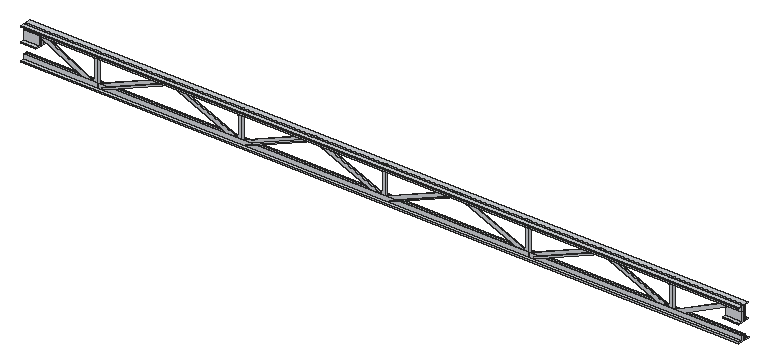
Revit family "d33dd6d5215e4dcd8819f20e3ec6f6e2", category Structural Framing, Revit 2019
Family settings
  Structural Framing Length Roundoff = 0' - 0 1/16"
  Section Shape = Not Defined
  Material for Model Behavior = Steel
  Always export as geometry = Yes
  OmniClass Number = 23.25.30.21.14.11
  OmniClass Title = Metal Joists
  Seek Item ID = BG Joist Girder-0000-USA-ENU
  Always vertical = Yes
  Cut with Voids When Loaded = No
  Symbolic Representation = From Family
  Shared = No
  Show family pre-cut in plan views = Yes
Parameters (values of type "16BG")
  Web Thickness = 0' - 1"
  Vertical Member Visibility = yes
  Structural Material = none
  Start Offset [instance] = 0' - 0"
  Top Chord Start Extension [instance] = 0' - 0"
  SpaceNum [instance] = 2 * HalfSpaceNum  # 10
  Seat Length = 0' - 8"
  Seat Depth [instance] = 0' - 7 1/2"
  PanelWidth [instance] = Length / SpaceNum  # 3' - 0"
  PanelArrayNum [instance] = SpaceNum - 3  # 7
  Panel Point Load [instance] = 4.00 kip
  Offset Length 2 [instance] = End Panel - End Offset + Bottom Chord End Extension  # 3' - 0"
  Offset Length 1 [instance] = End Panel - Start Offset + Bottom Chord Start Extension  # 3' - 0"
  HalfSpaceNum [instance] = 5
  Girder Type = "BG"
  Depth = 1' - 4"
  Bottom Chord Start Extension [instance] = 0' - 0"
  Bottom Chord End Extension [instance] = 0' - 0"
  PanelArrayNum 2 [instance] = Half PanelArrayNum - 1  # 3
  PanelArrayNum 1 [instance] = Half PanelArrayNum  # 4
  Half PanelArrayNum [instance] = PanelArrayNum / 2  # 4
  End Panel [instance] = PanelWidth  # 3' - 0"
  End Offset [instance] = 0' - 0"
  Top Chord End Extension [instance] = 0' - 0"
  Cord Leg = 0' - 2 1/2"
  Chord Thickness = 0' - 0 1/2"
  Assembly Code = "B1010350"
  Length [instance] = 30' - 0"
Reference planes (in)
  plane 1 "Center (Front/Back)": y = 0
  plane 2: z = 0
  plane 3 "Center (Left/Right)": x = 18.04904
  plane 4 "Member Left": x = -135.95096
  plane 5 "Member Right": x = 140.1815
  plane 6: y = 3
  plane 7: y = -3
  plane 8: z = 8
  plane 9: z = -8
  plane 10 "Left": x = -161.95096
  plane 11 "Stick Symbol Left": x = -220.8185
  plane 12 "Stick Symbol Right": x = 260.1815
  plane 13 "Right": x = 198.04904
  plane 14: z = 0.5
  plane 15: x = -153.95096
  plane 16: x = -125.95096
  plane 17: x = 190.04904
  plane 18: x = 162.04904
  plane 19: y = 0.5
  plane 20: y = -0.5
  plane 21: z = 5.5
  plane 22: z = -5.5
  plane 23: z = -7.75
  plane 24: z = 7.75
  plane 25: x = -161.95096
  plane 26: x = 198.04904
  plane 27: x = -161.95096
  plane 28: x = 198.04904
  plane 29 "111111111": x = 126.04904
  plane 30: x = 90.04904
  plane 31: x = -89.95096
  plane 32: x = -161.95096
  plane 33: x = 198.04904
  plane 34: x = -53.95096
  plane 35: x = -17.95096
  plane 36: x = -220.8185
  plane 37 "Symbol Left": x = -220.8185
  plane 38 "Symbol Right": x = 260.1815
  plane 39: x = 260.1815
Forms (in)
  Extrusion 1, solid, material <- "Structural Material", detail levels medium+fine
    sketch origin (18.04904, 0, 0) x (0, 1, 0) y (0, 0, 1)
      loop
        line (3, 8) -> (0.5, 8) -> (0.5, 5.5) -> (1, 5.5) -> (1, 7.5) -> (3, 7.5) -> (3, 8)
      loop
        line (-3, 8) -> (-3, 7.5) -> (-1, 7.5) -> (-1, 5.5) -> (-0.5, 5.5) -> (-0.5, 8) -> (-3, 8)
    from -180 to 180
  Extrusion 2, solid, material <- "Structural Material", detail levels medium+fine
    sketch origin (18.04904, 0, 0) x (0, 1, 0) y (0, 0, 1)
      loop
        line (0.5, -5.5) -> (0.5, -8) -> (3, -8) -> (3, -7.5) -> (1, -7.5) -> (1, -5.5) -> (0.5, -5.5)
      loop
        line (-0.5, -5.5) -> (-1, -5.5) -> (-1, -7.5) -> (-3, -7.5) -> (-3, -8) -> (-0.5, -8) -> (-0.5, -5.5)
    from -180 to 180
  Extrusion 3, solid, material <- "Structural Material", detail levels medium+fine
    sketch origin (18.04904, 0, 0) x (0, 1, 0) y (0, 0, 1)
      loop
        line (3, 0.5) -> (3, 1) -> (1, 1) -> (1, 5.5) -> (0.5, 5.5) -> (0.5, 0.5) -> (3, 0.5)
      loop
        line (-3, 0.5) -> (-0.5, 0.5) -> (-0.5, 5.5) -> (-1, 5.5) -> (-1, 1) -> (-3, 1) -> (-3, 0.5)
    from 172 to 180
  Extrusion 4, solid, material <- "Structural Material", detail levels medium+fine
    sketch origin (18.04904, 0, 0) x (0, 1, 0) y (0, 0, 1)
      loop
        line (-3, 0.5) -> (-0.5, 0.5) -> (-0.5, 5.5) -> (-1, 5.5) -> (-1, 1) -> (-3, 1) -> (-3, 0.5)
      loop
        line (0.5, 0.5) -> (3, 0.5) -> (3, 1) -> (1, 1) -> (1, 5.5) -> (0.5, 5.5) -> (0.5, 0.5)
    from -180 to -172
  Sweep 5, solid, material <- "Structural Material", detail levels fine
    path in 3D
      loop
        line (162.04904, 0, -7.75) -> (190.04904, 0, 5.5)
    profile "Web-Profile : Web-Profile" origin (176.04904, 0, -1.125) x (-0.427739, 0, 0.903902) y (0, -1, 0)
      loop
        line (-1, 0.75) -> (-1, 0.25) -> (1, 0.25) -> (1, 0.75) -> (-1, 0.75)
  Sweep 6, solid, material <- "Structural Material", detail levels fine
    path in 3D
      loop
        line (-153.95096, 0, 5.5) -> (-125.95096, 0, -7.75)
    profile "Web-Profile : Web-Profile" origin (-139.95096, 0, -1.125) x (0.427739, 0, 0.903902) y (0, -1, 0)
      loop
        line (-1, 0.25) -> (-1, -0.25) -> (1, -0.25) -> (1, 0.25) -> (-1, 0.25)
Lines and regions (in)
  symbolic lines, style "StructuralFraming", detail levels coarse
    curve 1: line (0, 3, 8) -> (0, 0.5, 8)
    curve 2: line (0, -3, -8) -> (0, -0.5, -8)
    curve 12: line (0, 0.5, -8) -> (0, 3, -8)
    curve 13: line (18.04904, 0.5, -8) -> (18.04904, 0.5, -5.5)
    curve 14: line (18.04904, -0.5, -8) -> (18.04904, -0.5, -5.5)
    curve 15: line (18.04904, -0.5, 8) -> (18.04904, -0.5, 5.5)
    curve 16: line (18.04904, 0.5, 8) -> (18.04904, 0.5, 5.5)
    curve 17: line (0, -0.5, 8) -> (0, -3, 8)
  symbolic lines, style "StructuralFraming", detail levels coarse+medium
    curve 3: line (0, 0, -8) -> (0, 0, 8)
  reference lines
    curve 4: line (-212.8185, 0, -12.86251) -> (-212.8185, 0, 11.13749)
    curve 5: line (-176.8185, 0, -13.11251) -> (-176.8185, 0, 11.13749)
    curve 6: line (252.1815, 0, -10.77905) -> (252.1815, 0, 11.22095)
    curve 7: line (216.1815, 0, -15.77905) -> (216.1815, 0, 11.22095)
  model lines, style "Joist Girder", detail levels coarse
    curve 8: line (216.1815, 0, -8) -> (-176.8185, 0, -8)
    curve 9: line (260.1815, 0, 8) -> (-220.8185, 0, 8)
  model lines, style "StructuralFraming", detail levels medium
    curve 10: line (-153.95096, 0, 5.5) -> (-125.95096, 0, -7.75)
    curve 11: line (162.04904, 0, -7.75) -> (190.04904, 0, 5.5)
  model lines, style "Web Joist", detail levels coarse
    curve 18: line (-176.8185, 0, -8) -> (-212.8185, 0, 8)
    curve 19: line (216.1815, 0, -8) -> (252.1815, 0, 8)
  sketch lines
    curve 20: line (162.04904, 0, -7.75) -> (190.04904, 0, 5.5)
    curve 21: line (-153.95096, 0, 5.5) -> (-125.95096, 0, -7.75)
  symbolic lines, detail levels fine
    curve 22: line (18.04904, 0.5, 7.75) -> (18.04904, -0.5, 7.75)
    curve 23: line (18.04904, 0.5, -7.75) -> (18.04904, -0.5, -7.75)
    curve 24: line (18.04904, 0.5, -5.5) -> (18.04904, 0.5, 5.5)
    curve 25: line (18.04904, -0.5, -5.5) -> (18.04904, -0.5, 5.5)
Dimensions and locks (in)
  equal spacing: plane 9, plane 2, plane 8
  "Length": plane 10 "Left" to plane 13 "Right"
  equal spacing: plane 10 "Left", plane 3 "Center (Left/Right)", plane 13 "Right"
  "End Panel": curve 5 to curve 4
  "End Panel": curve 6 to curve 7
  "Depth": plane 9 to plane 8
  "Seat Depth": plane 8 to plane 14
  "End Panel": plane 10 "Left" to plane 16
  "End Panel": plane 13 "Right" to plane 18
  "Web Thickness": plane 19 to plane 20
  equal spacing: plane 19, plane 1 "Center (Front/Back)", plane 20
  "Cord Leg": plane 20 to plane 7
  "Cord Leg": plane 6 to plane 19
  "Cord Leg": plane 9 to plane 22
  "Cord Leg": plane 21 to plane 8
  "Chord Thickness": plane 8 to Extrusion 1 sketch curve
  "Chord Thickness": Extrusion 1 sketch curve to plane 8
  "Chord Thickness": plane 20 to Extrusion 1 sketch curve
  "Chord Thickness": Extrusion 1 sketch curve to plane 19
  "Chord Thickness": plane 9 to Extrusion 2 sketch curve  (x2)
  "Chord Thickness": Extrusion 2 sketch curve to plane 19
  "Chord Thickness": plane 20 to Extrusion 2 sketch curve
  "Chord Thickness": plane 14 to Extrusion 3 sketch curve  (x2)
  "Chord Thickness": plane 20 to Extrusion 3 sketch curve
  "Chord Thickness": Extrusion 3 sketch curve to plane 19
  "Chord Thickness": plane 14 to Extrusion 4 sketch curve  (x2)
  "Chord Thickness": Extrusion 4 sketch curve to plane 19
  "Chord Thickness": plane 20 to Extrusion 4 sketch curve
  locked: plane 23 to plane 9 at 0.25
  locked: plane 8 to plane 24 at 0.25
  "Start Offset": plane 10 "Left" to plane 27
  "Seat Length": plane 27 to plane 15
  "Top Chord Start Extension": plane 25 to plane 27
  "End Offset": plane 28 to plane 13 "Right"
  "Seat Length": plane 17 to plane 28
  "Top Chord End Extension": plane 28 to plane 26
  "PanelWidth": plane 18 to plane 29 "111111111"
  "PanelWidth": plane 29 "111111111" to plane 30
  "PanelWidth": plane 16 to plane 31
  "Offset Length 1": plane 16 to plane 32
  "Offset Length 2": plane 33 to plane 18
  "PanelWidth": plane 34 to plane 31
  "PanelWidth": plane 35 to plane 34
  equal spacing: group 1, group 2, group 3, group 6  (x3)
  equal spacing: group 4, group 5, group 7  (x3)
  plane 30 to plane 16 = 18' - 0"
  "Seat Length": curve 4 to plane 36
  "Start Offset": plane 36 to plane 11 "Stick Symbol Left"
  "Top Chord Start Extension": plane 36 to plane 37 "Symbol Left"
  "Seat Length": plane 39 to curve 6
  "End Offset": plane 12 "Stick Symbol Right" to plane 39
  "Top Chord End Extension": plane 38 "Symbol Right" to plane 39
  aligned and locked: curve 8 to plane 9
  aligned and locked: curve 9 to plane 8
  aligned and locked: curve 5 to curve 8
  aligned and locked: curve 7 to curve 8
  aligned and locked: plane 8 to Extrusion 1 sketch curve
  aligned and locked: Extrusion 1 sketch curve to plane 8
  aligned and locked: plane 6 to Extrusion 1 sketch curve
  aligned and locked: plane 7 to Extrusion 1 sketch curve
  aligned and locked: Extrusion 1 sketch curve to plane 21
  aligned and locked: plane 21 to Extrusion 1 sketch curve
  aligned and locked: plane 9 to Extrusion 2 sketch curve
  aligned and locked: Extrusion 2 sketch curve to plane 9
  aligned and locked: plane 6 to Extrusion 2 sketch curve
  aligned and locked: plane 7 to Extrusion 2 sketch curve
  aligned and locked: Extrusion 2 sketch curve to plane 19
  aligned and locked: Extrusion 2 sketch curve to plane 20
  aligned and locked: Extrusion 2 sketch curve to plane 22
  aligned and locked: plane 22 to Extrusion 2 sketch curve
  aligned and locked: Extrusion 3 sketch curve to plane 7
  aligned and locked: plane 14 to Extrusion 3 sketch curve
  aligned and locked: Extrusion 3 sketch curve to plane 14
  aligned and locked: Extrusion 3 sketch curve to plane 6
  aligned and locked: Extrusion 3 sketch curve to plane 20
  aligned and locked: Extrusion 3 sketch curve to plane 19
  aligned and locked: Extrusion 3 sketch curve to plane 21
  aligned and locked: plane 21 to Extrusion 3 sketch curve
  aligned and locked: Extrusion 3 to plane 17
  aligned and locked: plane 6 to Extrusion 4 sketch curve
  aligned and locked: Extrusion 4 sketch curve to plane 7
  aligned and locked: Extrusion 4 sketch curve to plane 19
  aligned and locked: plane 20 to Extrusion 4 sketch curve
  aligned and locked: plane 21 to Extrusion 4 sketch curve  (x2)
  aligned and locked: Extrusion 4 sketch curve to plane 14  (x2)
  aligned and locked: plane 15 to Extrusion 4
  aligned and locked: Extrusion 2 to curve 13
  aligned and locked: curve 13 to Extrusion 2
  aligned and locked: curve 2 to curve 14
  aligned and locked: curve 14 to Extrusion 2
  aligned and locked: Extrusion 1 to curve 15
  aligned and locked: curve 15 to Extrusion 1
  aligned and locked: curve 16 to Extrusion 1  (x2)
  aligned and locked: curve 1 to Extrusion 1
  aligned and locked: curve 11 to Extrusion 3
  aligned and locked: curve 4 to curve 18
  aligned and locked: curve 6 to curve 19
  aligned and locked: plane 25 to Extrusion 1
  aligned and locked: Extrusion 3 to plane 26
  aligned and locked: Extrusion 1 to plane 26
  aligned and locked: plane 25 to Extrusion 4
  aligned and locked: plane 15 to curve 10
  aligned and locked: Extrusion 1 to curve 10
  aligned and locked: plane 17 to curve 11
  aligned and locked: plane 16 to curve 10
  aligned and locked: plane 23 to curve 10
  aligned and locked: nested 1 to plane 16
  aligned and locked: plane 1 "Center (Front/Back)" to nested 1
  aligned and locked: plane 9 to nested 1
  aligned and locked: nested 2 to plane 31
  aligned and locked: plane 9 to nested 2
  aligned and locked: nested 2 to plane 1 "Center (Front/Back)"
  aligned and locked: plane 18 to curve 11
  aligned and locked: plane 23 to curve 11
  aligned and locked: Extrusion 2 to plane 32
  aligned and locked: plane 33 to Extrusion 2
  aligned and locked: plane 34 to nested 3
  aligned and locked: plane 35 to nested 5
  aligned and locked: nested 6 to plane 1 "Center (Front/Back)"
  aligned and locked: nested 6 to plane 18
  aligned and locked: plane 9 to nested 6
  aligned and locked: plane 37 "Symbol Left" to curve 9
  aligned and locked: plane 38 "Symbol Right" to curve 9
Automatic sketch dimensions
  Extrusion 1 sketch curve to plane 20 = 0' - 0"
  Extrusion 1 sketch curve to plane 19 = 0' - 0"
  curve 12 to plane 6 = 0' - 0"
  curve 1 to plane 6 = 0' - 0"
  curve 12 to plane 9 = 0' - 0"
  curve 12 to plane 19 = 0' - 0"
  curve 1 to plane 19 = 0' - 0"
  curve 17 to plane 8 = 0' - 0"
  curve 17 to plane 20 = 0' - 0"
  curve 17 to plane 7 = 0' - 0"
  plane 9 to curve 7 = 0' - 7.77905"
  plane 9 to curve 5 = 0' - 5.11251"
  plane 9 to curve 4 = 0' - 4.86251"
  plane 9 to curve 6 = 0' - 2.77905"
  curve 5 to plane 8 = 0' - 3.13749"
  curve 4 to plane 8 = 0' - 3.13749"
  curve 7 to plane 8 = 0' - 3.22095"
  curve 6 to plane 8 = 0' - 3.22095"
  curve 2 to plane 7 = 0' - 0"
  curve 2 to plane 9 = 0' - 0"
  curve 2 to plane 20 = 0' - 0"
  curve 3 to plane 1 "Center (Front/Back)" = 0' - 0"
  curve 3 to plane 9 = 0' - 0"
  curve 23 to plane 23 = 0' - 0"
  curve 25 to plane 22 = 0' - 0"
  curve 24 to plane 22 = 0' - 0"
  curve 16 to plane 21 = 0' - 0"
  curve 15 to plane 21 = 0' - 0"
  curve 22 to plane 24 = 0' - 0"
  curve 3 to plane 8 = 0' - 0"
Nested families (in)
  nested 1: "BG Angled Web 1" at (-125.95096, 0, 0), type "BG Angled Web 1"
  nested 2: "BG Angled Web 2" at (-53.95096, 0, 0) x (-1, 0, 0) z (0, 0, 1), type "BG Angled Web 2"
  nested 3: "BG Angled Web 1" at (-53.95096, 0, 0), type "BG Angled Web 1"
  nested 4: "BG Angled Web 1" at (18.04904, 0, 0), type "BG Angled Web 1"
  nested 5: "BG Angled Web 2" at (18.04904, 0, 0) x (-1, 0, 0) z (0, 0, 1), type "BG Angled Web 2"
  nested 6: "BG Angled Web-Right" at (162.04904, 0, 0) x (-1, 0, 0) z (0, 0, 1), type "BG Angled Web-Right"
  nested 7: "BG Angled Web 1" at (90.04904, 0, 0), type "BG Angled Web 1"
  nested 8: "BG Angled Web 2" at (90.04904, 0, 0) x (-1, 0, 0) z (0, 0, 1), type "BG Angled Web 2"
Definition of nested family "BG Angled Web 1"
  Parameters
    WebMaterial = none
    Web Thickness = Thickness / 2  # 0' - 0 1/2"
    Web Offset = Web Leg / 2  # 0' - 1"
    Web Leg = 0' - 2"
    Vertical Member Visibility = yes
    Thickness = 0' - 1"
    PanelHeight = 1' - 4"
    PanelWidth = 3' - 0"
    Assembly Code = ""
  Reference planes (in)
    plane 1 "Center (Front/Back)": y = 0
    plane 2: z = 0
    plane 3 "Center (Left/Right)": x = 0
    plane 4: x = 36
    plane 5: z = -8
    plane 6: z = -7
    plane 7: z = 7
    plane 8: z = 8
    plane 9: y = -0.5
    plane 10: y = 0.5
    plane 11: z = 5.5
    plane 12: z = -5.5
  Forms (in)
    Sweep 1, solid, material <- "WebMaterial", detail levels fine
      path in 3D
        loop
          line (0, 0, -7) -> (1, 0, -7) -> (35, 0, 7) -> (36, 0, 7)
      profile origin (0.5, 0, -7) x (0, 0, 1) y (0, -1, 0)
        loop
          line (1, 0) -> (1, 0.5) -> (-1, 0.5) -> (-1, 0) -> (1, 0)
    Sweep 2, solid, material <- "WebMaterial", detail levels fine
      path in 3D
        loop
          line (4.46706, -0.5, -6.65385) -> (34.54398, -0.5, 5.73077)
      profile origin (19.50552, -0.5, -0.46154) x (-0.38075, 0, 0.924678) y (0, -1, 0)
        loop
          line (0, 0) -> (0.5, 0) -> (0.5, 1.5) -> (0, 1.5) -> (0, 0)
    Sweep 3, solid, material <- "WebMaterial", visible <- "Vertical Member Visibility", detail levels fine
      path origin (0, 0, 0) x (1, 0, 0) y (0, 1, 0)
        loop
          line (0, 0.5) -> (0, -0.5)
      profile origin (0, 0, 0) x (1, 0, 0) y (0, 0, 1)
        loop
          line (-1, 8) -> (-1, 4.75) -> (-0.5625, 4.3125) -> (-0.5625, -4.3125) -> (-1, -4.75) -> (-1, -8) -> (1, -8) -> (1, 8) -> (-1, 8)
  Cuts and joins
    joined: Sweep 1, Sweep 2
  Lines and regions (in)
    model lines, detail levels medium+fine
      curve 1: line (0, 0, -8) -> (0, 0, 8)
      curve 2: line (0, 0, 8) -> (36, 0, 8)
      curve 3: line (36, 0, 8) -> (36, 0, -8)
      curve 4: line (36, 0, -8) -> (0, 0, -8)
    model lines, detail levels medium
      curve 5: line (35, 0, 7) -> (36, 0, 7)
      curve 6: line (0, 0, -7) -> (1, 0, -7)
      curve 7: line (1, 0, -7) -> (35, 0, 7)
    sketch lines
      curve 8: line (0, 0, -7) -> (1, 0, -7)
      curve 9: line (1, 0, -7) -> (35, 0, 7)
      curve 10: line (35, 0, 7) -> (36, 0, 7)
      curve 11: line (4.46706, -0.5, -6.65385) -> (34.54398, -0.5, 5.73077)
    model lines, visible <- "Vertical Member Visibility", detail levels medium
      curve 12: line (0, 0, 8) -> (0, 0, -8)
  Dimensions and locks (in)
    plane 6 to plane 5 = 0' - 1"
    "Thickness": plane 8 to plane 7
    "PanelHeight": plane 8 to plane 5
    equal spacing: plane 8, plane 2, plane 5
    "Thickness": plane 10 to plane 9
    equal spacing: plane 10, plane 1 "Center (Front/Back)", plane 9
    locked: plane 8 to plane 11 at 2.5
    plane 12 to plane 5 = 0' - 2 1/2"
    "Web Offset": plane 6 to plane 5
    "Web Offset": curve 6 to plane 3 "Center (Left/Right)"
    "Web Offset": curve 5 to plane 4
    "Web Leg": Sweep 1 sketch curve to Sweep 1 sketch curve
    equal spacing: Sweep 1 sketch curve, plane 6, Sweep 1 sketch curve
    "Web Leg": plane 1 "Center (Front/Back)" to Sweep 2 sketch curve
    "Web Thickness": Sweep 2 sketch curve to Sweep 2 sketch curve
    "PanelWidth": plane 4 to plane 3 "Center (Left/Right)"
    equal spacing: Sweep 3 sketch curve, plane 3 "Center (Left/Right)", Sweep 3 sketch curve
    "Web Leg": Sweep 3 sketch curve to Sweep 3 sketch curve  (x2)
    locked: Sweep 3 sketch curve to Sweep 3 sketch curve at 3.25  (x2)
    locked: Sweep 3 sketch curve to Sweep 3 sketch curve at 0.4375
    equal spacing: Sweep 3 sketch curve, plane 2, Sweep 3 sketch curve
    locked: Sweep 3 sketch curve to Sweep 3 sketch curve (angle 45.00°)  (x2)
    aligned and locked: plane 7 to curve 5
    aligned and locked: plane 6 to curve 6
    aligned and locked: Sweep 1 sketch curve to plane 9
    aligned and locked: Sweep 1 sketch curve to plane 1 "Center (Front/Back)"
    aligned and locked: Sweep 1 to curve 11
    aligned and locked: Sweep 2 sketch curve to profile plane
    aligned and locked: plane 9 to Sweep 2 sketch curve
    aligned and locked: plane 4 to curve 5
    aligned and locked: plane 4 to curve 3
    aligned and locked: plane 3 "Center (Left/Right)" to curve 1
    aligned and locked: curve 4 to plane 5
    aligned and locked: Sweep 3 sketch curve to plane 3 "Center (Left/Right)"
    aligned and locked: plane 10 to Sweep 3 sketch curve
    aligned and locked: plane 9 to Sweep 3 sketch curve
    aligned and locked: curve 12 to plane 3 "Center (Left/Right)"
    aligned and locked: plane 8 to curve 12
    aligned and locked: plane 5 to curve 12
    aligned and locked: Sweep 3 sketch curve to plane 8
    aligned and locked: Sweep 3 sketch curve to plane 5
Definition of nested family "BG Angled Web 2"
  Parameters
    WebMaterial = none
    Web Thickness = Thickness / 2  # 0' - 0 1/2"
    Web Offset = Web Leg / 2  # 0' - 1"
    Web Leg = 0' - 2"
    Thickness = 0' - 1"
    PanelHeight = 1' - 4"
    PanelWidth = 3' - 0"
    Assembly Code = ""
  Reference planes (in)
    plane 1 "Center (Front/Back)": y = 0
    plane 2: z = 0
    plane 3 "Center (Left/Right)": x = 0
    plane 4: x = 36
    plane 5: z = -8
    plane 6: z = -7
    plane 7: z = 7
    plane 8: z = 8
    plane 9: y = -0.5
    plane 10: y = 0.5
    plane 11: z = 5.5
    plane 12: z = -5.5
  Forms (in)
    Sweep 1, solid, material <- "WebMaterial", detail levels fine
      path in 3D
        loop
          line (0, 0, -7) -> (1, 0, -7) -> (35, 0, 7) -> (36, 0, 7)
      profile origin (0.5, 0, -7) x (0, 0, 1) y (0, -1, 0)
        loop
          line (1, 0) -> (1, 0.5) -> (-1, 0.5) -> (-1, 0) -> (1, 0)
    Sweep 2, solid, material <- "WebMaterial", detail levels fine
      path in 3D
        loop
          line (4.46706, -0.5, -6.65385) -> (34.54398, -0.5, 5.73077)
      profile origin (19.50552, -0.5, -0.46154) x (-0.38075, 0, 0.924678) y (0, -1, 0)
        loop
          line (0, 0) -> (0.5, 0) -> (0.5, 1.5) -> (0, 1.5) -> (0, 0)
  Cuts and joins
    joined: Sweep 1, Sweep 2
  Lines and regions (in)
    model lines, detail levels medium+fine
      curve 1: line (0, 0, -8) -> (0, 0, 8)
      curve 2: line (0, 0, 8) -> (36, 0, 8)
      curve 3: line (36, 0, 8) -> (36, 0, -8)
      curve 4: line (36, 0, -8) -> (0, 0, -8)
    model lines, detail levels medium
      curve 5: line (35, 0, 7) -> (36, 0, 7)
      curve 6: line (0, 0, -7) -> (1, 0, -7)
      curve 7: line (1, 0, -7) -> (35, 0, 7)
    sketch lines
      curve 8: line (0, 0, -7) -> (1, 0, -7)
      curve 9: line (1, 0, -7) -> (35, 0, 7)
      curve 10: line (35, 0, 7) -> (36, 0, 7)
      curve 11: line (4.46706, -0.5, -6.65385) -> (34.54398, -0.5, 5.73077)
  Dimensions and locks (in)
    plane 6 to plane 5 = 0' - 1"
    "Thickness": plane 8 to plane 7
    "PanelHeight": plane 8 to plane 5
    equal spacing: plane 8, plane 2, plane 5
    "Thickness": plane 10 to plane 9
    equal spacing: plane 10, plane 1 "Center (Front/Back)", plane 9
    locked: plane 8 to plane 11 at 2.5
    plane 12 to plane 5 = 0' - 2 1/2"
    "Web Offset": plane 6 to plane 5
    "Web Offset": curve 6 to plane 3 "Center (Left/Right)"
    "Web Offset": curve 5 to plane 4
    "Web Leg": Sweep 1 sketch curve to Sweep 1 sketch curve
    equal spacing: Sweep 1 sketch curve, plane 6, Sweep 1 sketch curve
    "Web Leg": plane 1 "Center (Front/Back)" to Sweep 2 sketch curve
    "Web Thickness": Sweep 2 sketch curve to Sweep 2 sketch curve
    "PanelWidth": plane 4 to plane 3 "Center (Left/Right)"
    aligned and locked: plane 7 to curve 5
    aligned and locked: plane 6 to curve 6
    aligned and locked: plane 8 to curve 2
    aligned and locked: Sweep 1 sketch curve to plane 9
    aligned and locked: Sweep 1 sketch curve to plane 1 "Center (Front/Back)"
    aligned and locked: Sweep 1 to curve 11
    aligned and locked: Sweep 2 sketch curve to profile plane
    aligned and locked: plane 9 to Sweep 2 sketch curve
    aligned and locked: plane 4 to curve 5
    aligned and locked: plane 4 to curve 3
    aligned and locked: plane 3 "Center (Left/Right)" to curve 1
    aligned and locked: curve 4 to plane 5
Definition of nested family "BG Angled Web-Right"
  Parameters
    WebMaterial = none
    Web Thickness = Thickness / 2  # 0' - 0 1/2"
    Web Offset = Web Leg / 2  # 0' - 1"
    Web Leg = 0' - 2"
    Vertical Member Visibility = yes
    Thickness = 0' - 1"
    PanelHeight = 1' - 4"
    PanelWidth = 3' - 0"
    Assembly Code = ""
  Reference planes (in)
    plane 1 "Center (Front/Back)": y = 0
    plane 2: z = 0
    plane 3 "Center (Left/Right)": x = 0
    plane 4: x = 36
    plane 5: z = -8
    plane 6: z = -7
    plane 7: z = 7
    plane 8: z = 8
    plane 9: y = -0.5
    plane 10: y = 0.5
    plane 11: z = 5.5
    plane 12: z = -5.5
  Forms (in)
    Sweep 1, solid, material <- "WebMaterial", detail levels fine
      path in 3D
        loop
          line (0, 0, -7) -> (1, 0, -7) -> (35, 0, 7) -> (36, 0, 7)
      profile origin (0.5, 0, -7) x (0, 0, 1) y (0, -1, 0)
        loop
          line (1, 0) -> (1, 0.5) -> (-1, 0.5) -> (-1, 0) -> (1, 0)
    Sweep 2, solid, material <- "WebMaterial", detail levels fine
      path in 3D
        loop
          line (4.46706, -0.5, -6.65385) -> (34.54398, -0.5, 5.73077)
      profile origin (19.50552, -0.5, -0.46154) x (-0.38075, 0, 0.924678) y (0, -1, 0)
        loop
          line (0, 0) -> (0.5, 0) -> (0.5, 1.5) -> (0, 1.5) -> (0, 0)
    Sweep 3, solid, material <- "WebMaterial", visible <- "Vertical Member Visibility", detail levels fine
      path origin (0, 0, 0) x (1, 0, 0) y (0, 1, 0)
        loop
          line (0, 0.5) -> (0, -0.5)
      profile origin (0, 0, 0) x (1, 0, 0) y (0, 0, 1)
        loop
          line (-1, 8) -> (-1, -8) -> (1, -8) -> (1, -4.75) -> (0.5625, -4.3125) -> (0.5625, 4.3125) -> (1, 4.75) -> (1, 8) -> (-1, 8)
  Cuts and joins
    joined: Sweep 1, Sweep 2
  Lines and regions (in)
    model lines, detail levels medium+fine
      curve 1: line (0, 0, -8) -> (0, 0, 8)
      curve 2: line (0, 0, 8) -> (36, 0, 8)
      curve 3: line (36, 0, 8) -> (36, 0, -8)
      curve 4: line (36, 0, -8) -> (0, 0, -8)
    model lines, detail levels medium
      curve 5: line (35, 0, 7) -> (36, 0, 7)
      curve 6: line (0, 0, -7) -> (1, 0, -7)
      curve 7: line (1, 0, -7) -> (35, 0, 7)
    sketch lines
      curve 8: line (0, 0, -7) -> (1, 0, -7)
      curve 9: line (1, 0, -7) -> (35, 0, 7)
      curve 10: line (35, 0, 7) -> (36, 0, 7)
      curve 11: line (4.46706, -0.5, -6.65385) -> (34.54398, -0.5, 5.73077)
    model lines, visible <- "Vertical Member Visibility", detail levels medium
      curve 12: line (0, 0, 8) -> (0, 0, -8)
  Dimensions and locks (in)
    plane 6 to plane 5 = 0' - 1"
    "Thickness": plane 8 to plane 7
    "PanelHeight": plane 8 to plane 5
    equal spacing: plane 8, plane 2, plane 5
    "Thickness": plane 10 to plane 9
    equal spacing: plane 10, plane 1 "Center (Front/Back)", plane 9
    locked: plane 8 to plane 11 at 2.5
    plane 12 to plane 5 = 0' - 2 1/2"
    "Web Offset": plane 6 to plane 5
    "Web Offset": curve 6 to plane 3 "Center (Left/Right)"
    "Web Offset": curve 5 to plane 4
    "Web Leg": Sweep 1 sketch curve to Sweep 1 sketch curve
    equal spacing: Sweep 1 sketch curve, plane 6, Sweep 1 sketch curve
    "Web Leg": plane 1 "Center (Front/Back)" to Sweep 2 sketch curve
    "Web Thickness": Sweep 2 sketch curve to Sweep 2 sketch curve
    "PanelWidth": plane 4 to plane 3 "Center (Left/Right)"
    equal spacing: Sweep 3 sketch curve, plane 3 "Center (Left/Right)", Sweep 3 sketch curve  (x2)
    "Web Leg": Sweep 3 sketch curve to Sweep 3 sketch curve
    locked: Sweep 3 sketch curve to Sweep 3 sketch curve at 3.25  (x2)
    Sweep 3 sketch curve to Sweep 3 sketch curve = 0' - 0 7/16"
    equal spacing: Sweep 3 sketch curve, plane 2, Sweep 3 sketch curve
    locked: Sweep 3 sketch curve to Sweep 3 sketch curve (angle 45.00°)  (x2)
    aligned and locked: plane 7 to curve 5
    aligned and locked: plane 6 to curve 6
    aligned and locked: Sweep 1 sketch curve to plane 9
    aligned and locked: Sweep 1 sketch curve to plane 1 "Center (Front/Back)"
    aligned and locked: Sweep 1 to curve 11
    aligned and locked: Sweep 2 sketch curve to profile plane
    aligned and locked: plane 9 to Sweep 2 sketch curve
    aligned and locked: plane 4 to curve 5
    aligned and locked: plane 4 to curve 3
    aligned and locked: plane 3 "Center (Left/Right)" to curve 1
    aligned and locked: curve 4 to plane 5
    aligned and locked: Sweep 3 sketch curve to plane 3 "Center (Left/Right)"
    aligned and locked: plane 10 to Sweep 3 sketch curve
    aligned and locked: plane 9 to Sweep 3 sketch curve
    aligned and locked: curve 12 to plane 3 "Center (Left/Right)"
    aligned and locked: plane 8 to curve 12
    aligned and locked: plane 5 to curve 12
    aligned and locked: Sweep 3 sketch curve to plane 8
    aligned and locked: Sweep 3 sketch curve to plane 5
